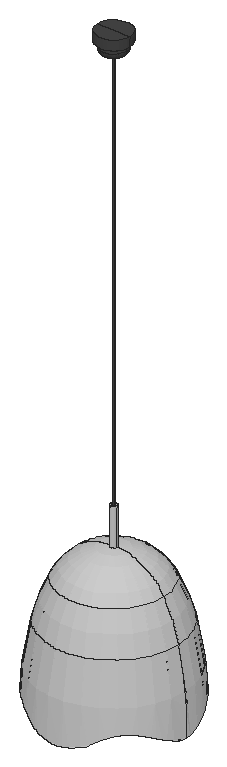
Revit family "Magnolia(12,16,20,24) LED", category Lighting Fixtures, Revit 2020
Family settings
  Round Connector Dimension = Use Diameter
  Part Type = Normal
  OmniClass Number = 23.80.70.00
  OmniClass Title = Lighting
  Work Plane-Based = No
  Always vertical = Yes
  Cut with Voids When Loaded = No
  Light Source = Yes
  Shared = No
  Room Calculation Point = No
Parameters (values of type "MDM24")
  Weight = "7.0bs"
  Wattage Comments = "16W"
  Wattage = 1.6 W
  Warranty = "5 year limited warranty"  # constant formula
  built-in parameter 1150110 = 1 (stored number, unit not read)
  Voltage = 277 V
  URL = "https://www.anplighting.com/assets/Uploads/product-attachments/specification-sheets/ANP-Specification-Sheet-LED-MDM24.pdf"
  built-in parameter 1114217 = 1 (stored number, unit not read)
  Tilt Angle = 90.00°
  built-in parameter 1150109 = 1 (stored number, unit not read)
  built-in parameter 1150134 = (empty or 0)
  built-in parameter 1150113 = 1 (stored number, unit not read)
  Mounting Option [instance] = 1
  Power Factor = 1
  Post Mount [instance] = Mounting Option = 5  # no
  Placement X axis side [instance] = if(Post Mount, 2' 2 15/32", if(Cord or Stem Mount, 0' 0", if(E36 20 inch, 1' 8 1/4", if(E 6 26 inch, 2' 2", if(E7 41 inch, 3' 5 1/4", 0' 1")))))  # 0' - 0"
  Photometric Web File = "MDM24M024LD35K.IES"
  Model = "MDM24"
  Manufacturer = "ANP Lighting"  # constant formula
  MDM24 = yes
  MDM20 = no
  MDM16 = no
  MDM12 = no
  built-in parameter 1150105 = 159.15 (stored number, unit not read)
  Lumens = 2000 lm
  built-in parameter 1150115 = 1 (stored number, unit not read)
  Load Classification = Lighting
  Light Source Height [instance] = 1' - 0"
  built-in parameter 1150137 = (empty or 0)
  built-in parameter 1150139 = (empty or 0)
  Light Elevation _2 [instance] = if(Post Mount, 0' 0.66142", if(E7 41 inch, 0' 0.66142", if(E36 20 inch, 0' 1.65748", if(E 6 26 inch, 0' 1.53543", if(Cord or Stem Mount, (0' 4.3622" + Cord Length), 0' 0")))))  # 6' - 4.3622"
  Light Elevation _1 [instance] = if(Post Mount, 0' 0", if(E7 41 inch, 0' 0", if(E36 20 inch, 0' 1", if(E 6 26 inch, 0' 0.87402", if(Cord or Stem Mount, (0' 3.66142" + Cord Length), 0' 0")))))  # 6' - 3.66142"
  Light Elevation [instance] = if(Post Mount, 14' 0.5315", if(E7 41 inch, 0' 0", 0' 0"))  # 0' - 0"
  Life = "L70 50,000 hours"  # constant formula
  built-in parameter 1150112 = 1 (stored number, unit not read)
  built-in parameter 1150114 = 1 (stored number, unit not read)
  Lamp = "LED"
  built-in parameter 1150132 = 2
  built-in parameter 1150102 = (empty or 0)
  built-in parameter 1150107 = 3500 (stored number, unit not read)
  built-in parameter 1150138 = (empty or 0)
  built-in parameter 1150106 = 1.5915 (stored number, unit not read)
  INSIDE BODY = INSIDE BODY
  Fixture Height = 2' - 0"
  Fixture Finish = Fixture Finish
  Fixture Diameter = 2' - 0"
  Efficiency = "65-125 lumens per watt"  # constant formula
  built-in parameter 1150104 = 116.13 (stored number, unit not read)
  E7 41 inch [instance] = Mounting Option = 4  # no
  E36 20 inch [instance] = Mounting Option = 3  # no
  E 6 26 inch [instance] = Mounting Option = 2  # no
  Dimming Lamp Color Temperature Shift = <None>
  Dimming = "1%"  # constant formula
  Description = "120-277 Voltage"  # constant formula
  Default Elevation = 0' - 0"
  Cord or Stem Mount [instance] = Mounting Option = 1  # yes
  Cord Length option [instance] = 0
  Cord Length [instance] = if([2' Cord], 2' 0", if([4' Cord], 4' 0", if([8' Cord], 8' 0", if([10' Cord], 10' 0", if([6' Cord], 6' 0", 6' 0")))))  # 6' - 0"
  Construction Material = "Heavy Duty spun aluminum."  # constant formula
  Color Filter = 16777215
  CRI = ">90"  # constant formula
  Body Material = body
  Body Colour = "Spun aluminium"  # constant formula
  built-in parameter 1114218 = 1 (stored number, unit not read)
  built-in parameter 1150133 = 10 (stored number, unit not read)
  Apparent Load = 16 VA
  8' Cord [instance] = Cord Length option = 8  # no
  6' Cord [instance] = Cord Length option = 6  # no
  4' Cord [instance] = Cord Length option = 4  # no
  2' Cord [instance] = Cord Length option = 2  # no
  10' Cord [instance] = Cord Length option = 10  # no
Types (5): name | Weight | Wattage Comments | Wattage | URL | Photometric Web File | Model | MDM24 | MDM20 | MDM16 | MDM12 | built-in parameter 1150105 | Lumens | Light Source Height | built-in parameter 1150106 | Fixture Height | Fixture Diameter | Apparent Load
  (no name) | "7.0bs" | "16W" | 1.6 W | "https://www.anplighting.com/assets/Uploads/product-attachments/specification-sheets/ANP-Specification-Sheet-LED-MDM24.pdf" | "MDM24M024LD35K.IES" | "MDM24" | yes | no | no | no | 159.15 (stored number, unit not read) | 2000 lm | 1' - 0" | 1.5915 (stored number, unit not read) | 2' - 0" | 2' - 0" | 16 VA
  MDM12 | "5.5lbs" | "10W" | 1 W | "https://www.anplighting.com/assets/Uploads/product-attachments/specification-sheets/ANP-Specification-Sheet-LED-MDM12.pdf" | "MDM12M010LD35K.IES" | "MDM12" | no | no | no | yes | 99.472 (stored number, unit not read) | 1250 lm | 0' - 6" | 0.99472 (stored number, unit not read) | 1' - 0" | 1' - 0" | 10 VA
  MDM16 | "6.0lbs" | "16W" | 1.6 W | "https://www.anplighting.com/assets/Uploads/product-attachments/specification-sheets/ANP-Specification-Sheet-LED-MDM16.pdf" | "MDM16M016LD35K.IES" | "MDM16" | no | no | yes | no | 159.15 (stored number, unit not read) | 2000 lm | 0' - 8" | 1.5915 (stored number, unit not read) | 1' - 4" | 1' - 4" | 16 VA
  MDM20 | "6.5bs" | "16W" | 1.6 W | "https://www.anplighting.com/assets/Uploads/product-attachments/specification-sheets/ANP-Specification-Sheet-LED-MDM20.pdf" | "MDM20M016LD35K.IES" | "MDM20" | no | yes | no | no | 159.15 (stored number, unit not read) | 2000 lm | 1' - 0" | 1.5915 (stored number, unit not read) | 1' - 8" | 1' - 8" | 16 VA
  MDM24 | "7.0bs" | "16W" | 1.6 W | "https://www.anplighting.com/assets/Uploads/product-attachments/specification-sheets/ANP-Specification-Sheet-LED-MDM24.pdf" | "MDM24M024LD35K.IES" | "MDM24" | yes | no | no | no | 159.15 (stored number, unit not read) | 2000 lm | 1' - 0" | 1.5915 (stored number, unit not read) | 2' - 0" | 2' - 0" | 16 VA
Reference planes (in)
  plane 1 "Light Source Axis (F/B)": y = 0
  plane 2: z = 0
  plane 3 "Light Source Axis (L/R)": x = 0
  plane 4 "Light Source Elevation": z = 0
  plane 5: z = 0
  plane 6: x = 0
  plane 7 "Bulb Position": z = -76.3622
  plane 8 "Canopy Position": z = -75.66142
  plane 9 "IES": z = -88.3622
Dimensions and locks (in)
  "Light Elevation": plane 5 to plane 2
  "Placement X axis side": plane 6 to plane 3 "Light Source Axis (L/R)"
  "Light Elevation _2": plane 5 to plane 7 "Bulb Position"
  "Light Elevation _1": plane 5 to plane 8 "Canopy Position"
  "Light Source Height": plane 7 "Bulb Position" to plane 9 "IES"
  locked: plane 4 "Light Source Elevation" to plane 2
  aligned and locked: level to plane 2
  aligned and locked: plane 1 "Light Source Axis (F/B)" to nested 5
  aligned and locked: nested 5 to plane 2
  aligned and locked: nested 1 to plane 3 "Light Source Axis (L/R)"
  aligned and locked: plane 3 "Light Source Axis (L/R)" to nested 2
  aligned and locked: plane 3 "Light Source Axis (L/R)" to nested 4
  aligned and locked: nested 3 to plane 5
  aligned and locked: plane 3 "Light Source Axis (L/R)" to nested 3
  aligned and locked: plane 3 "Light Source Axis (L/R)" to nested 5
  aligned and locked: plane 1 "Light Source Axis (F/B)" to nested 2
  aligned and locked: plane 1 "Light Source Axis (F/B)" to nested 1
  aligned and locked: plane 1 "Light Source Axis (F/B)" to nested 4
  aligned and locked: plane 1 "Light Source Axis (F/B)" to nested 3
  aligned and locked: plane 2 to nested 1
  aligned and locked: plane 2 to nested 2
  aligned and locked: nested 4 to plane 2
  aligned and locked: imposter light to plane 9 "IES"
  aligned and locked: imposter light to plane 6
  aligned and locked: nested 6 to plane 8 "Canopy Position"
  aligned and locked: nested 7 to plane 8 "Canopy Position"
  aligned and locked: nested 8 to plane 8 "Canopy Position"
  aligned and locked: nested 9 to plane 8 "Canopy Position"
  aligned and locked: nested 6 to plane 6
  aligned and locked: nested 7 to plane 6
  aligned and locked: nested 8 to plane 6
  aligned and locked: nested 9 to plane 6
Nested families (in)
  nested 1: "CORD OR STEM MOUNT" at (0, 0, -75.67), visible <- "Cord or Stem Mount", Cord or Stem Mount <- "Cord or Stem Mount", Body Material <- "Body Material", Light Elevation <- "Light Elevation", Cord Length <- "Cord Length", 10' Cord <- "10' Cord", 2' Cord <- "2' Cord", 4' Cord <- "4' Cord", 6' Cord <- "6' Cord", 8' Cord <- "8' Cord", type "CORD OR STEM MOUNT"
    with Light Elevation 0' - 0", Cord or Stem Mount yes, Cord Length 6' - 0", Body Material body, 8' Cord no, 6' Cord no, 4' Cord no, 2' Cord no, 10' Cord no
  nested 2: "E6 26 INCH" at (0, 0, 0), visible <- "E 6 26 inch", Chain Length <- "Cord Length", E 6 26 inch <- "E 6 26 inch", Placement X axis side <- "Placement X axis side", Body Material <- "Body Material", Light Elevation <- "Light Elevation", type "E6 26 INCH"
    with Placement X axis side 0' - 0", Light Elevation 0' - 0", E 6 26 inch no, Chain Length 6' - 0", Body Material body
  nested 3: "E7 41 INCH" at (0, 0, 0), Chain Length <- "Cord Length", visible <- "E7 41 inch", E7 41 inch <- "E7 41 inch", Placement X axis side <- "Placement X axis side", Body Material <- "Body Material", Light Elevation <- "Light Elevation", type "E7 41 INCH"
    with Placement X axis side 0' - 0", Light Elevation 0' - 0", E7 41 inch no, Chain Length 6' - 0", Body Material body
  nested 4: "E36 20 INCH" at (0, 0, 0), visible <- "E36 20 inch", E36 20 inch <- "E36 20 inch", Placement X axis side <- "Placement X axis side", Chain Length <- "Cord Length", Body Material <- "Body Material", Light Elevation <- "Light Elevation", type "E36 20 INCH"
    with Placement X axis side 0' - 0", Light Elevation 0' - 0", E36 20 inch no, Chain Length 6' - 0", Body Material body
  nested 5: "POST MOUNT" at (0, 0, 0), visible <- "Post Mount", Post Mount <- "Post Mount", Placement X axis side <- "Placement X axis side", Chain Length <- "Cord Length", Body Material <- "Body Material", Light Elevation <- "Light Elevation", type "POST MOUNT"
    with Post Mount no, Placement X axis side 0' - 0", Light Elevation 0' - 0", Chain Length 6' - 0", Body Material body
  nested 6: "MDM12 LED" at (0, 0, -87.66142), Body <- "Fixture Finish", INSIDE BODY <- "INSIDE BODY", visible <- "MDM12", MDM12 <- "MDM12", type "MDM12 LED"
    with MDM12 no, INSIDE BODY INSIDE BODY, Body Fixture Finish
  nested 7: "MDM16 LED" at (0, 0, -91.66142), Body <- "Fixture Finish", MDM16 <- "MDM16", visible <- "MDM16", INSIDE BODY <- "INSIDE BODY", type "MDM16 LED"
    with MDM16 no, INSIDE BODY INSIDE BODY, Body Fixture Finish
  nested 8: "MDM20 LED" at (0, 0, -95.66142), Body <- "Fixture Finish", MDM20 <- "MDM20", visible <- "MDM20", INSIDE BODY <- "INSIDE BODY", type "MDM20 LED"
    with MDM20 no, INSIDE BODY INSIDE BODY, Body Fixture Finish
  nested 9: "MDM24 LED" at (0, 0, -99.66142), Body <- "Fixture Finish", MDM24 <- "MDM24", visible <- "MDM24", INSIDE BODY <- "INSIDE BODY", type "MDM24 LED"
    with MDM24 yes, INSIDE BODY INSIDE BODY, Body Fixture Finish
Definition of nested family "CORD OR STEM MOUNT"
  Parameters (values of type "CORD OR STEM MOUNT")
    URL = ""
    Model = ""
    Manufacturer = ""
    Light Elevation [instance] = 1' - 7.69"
    Default Elevation = 0' - 0"
    Cord or Stem Mount [instance] = yes
    Cord Length [instance] = 6' - 0"
    Body Material [instance] = none
    8' Cord [instance] = no
    6' Cord [instance] = no
    4' Cord [instance] = no
    2' Cord [instance] = no
    10' Cord [instance] = no
  Reference planes (in)
    plane 1 "Light Source Axis (F/B)": y = 0
    plane 2: z = 0
    plane 3 "Light Source Axis (L/R)": x = 0
    plane 4 "Light Source Elevation": z = 23.125
    plane 5: z = 91.69
    plane 6: z = 19.69
  Forms (in)
    Extrusion 1, void, not visible
      sketch origin (0, 0, 2.38154) x (1, 0, 0) y (0, 0, 1)
        loop
          circle (0, 4.59925) r 0.16583
      from 1.18594 to 1.75
    Extrusion 2, void, not visible
      sketch origin (0, 0, 2.38154) x (0.707107, -0.707107, 0) y (0, 0, 1)
        loop
          circle (0, 4.59925) r 0.16583
      from 1.18594 to 1.75
    Extrusion 3, void, not visible
      sketch origin (0, 0, 2.38154) x (0.707107, 0.707107, 0) y (0, 0, 1)
        loop
          circle (0, 4.59925) r 0.16583
      from 1.18594 to 1.75
    Extrusion 4, void, not visible
      sketch origin (0, 0, 2.38154) x (0, 1, 0) y (0, 0, 1)
        loop
          circle (0, 4.59925) r 0.16583
      from 1.18594 to 1.75
    Extrusion 5, void, not visible
      sketch origin (0, 0, 2.38154) x (-0.707107, 0.707107, 0) y (0, 0, 1)
        loop
          circle (0, 4.59925) r 0.16583
      from 1.18594 to 1.75
    Extrusion 6, void, not visible
      sketch origin (0, 0, 2.38154) x (-1, 0, 0) y (0, 0, 1)
        loop
          circle (0, 4.59925) r 0.20678
      from 1.18594 to 1.75
    Extrusion 7, void, not visible
      sketch origin (0, 0, 2.38154) x (-0.707107, -0.707107, 0) y (0, 0, 1)
        loop
          circle (0, 4.59925) r 0.16583
      from 1.18594 to 1.75
    Extrusion 8, void, not visible
      sketch origin (0, 0, 2.38154) x (0, -1, 0) y (0, 0, 1)
        loop
          circle (0, 4.59925) r 0.16583
      from 1.18594 to 1.75
    Revolve 9, solid, material <- "Body Material", visible <- "Cord or Stem Mount"
      sketch origin (0, 0, 174.56698) x (1, 0, 0) y (0, 0, 1)
        loop
          line (2.6875, -79.20698) -> (0, -79.20698) -> (0, -82.87698) -> (0.125, -82.87698) -> (0.125, -82.83698) -> (0.75, -82.83698)
          arc (0.75, -82.83698) -> (0.81694, -82.77004) -> (0.75, -82.7031) r 0.06694
          line (0.75, -82.7031) -> (0.89763, -82.7031) -> (1.00223, -82.5985) -> (1.06587, -82.5985)
          arc (1.06587, -82.5985) -> (1.80099, -82.29401) -> (2.10549, -81.55888) r 1.03962
          line (2.10549, -81.55888) -> (2.10549, -81.03899)
          arc (2.10549, -81.03899) -> (2.12951, -80.981) -> (2.1875, -80.95698) r 0.08201
          line (2.1875, -80.95698) -> (2.1875, -80.70698) -> (2.6875, -80.70698) -> (2.6875, -79.20698)
        axis (0, -79.20698) -> (0, -82.87698)
      angle from 0 to 360
    Revolve 10, solid, material <- "Body Material", visible <- "Cord or Stem Mount"
      sketch origin (0, 0, 0) x (1, 0, 0) y (0, 0, 1)
        loop
          line (0, 91.69) -> (-0.125, 91.69) -> (-0.125, 19.69) -> (0, 19.69) -> (0, 91.69)
        axis (0, 19.69) -> (0, 91.69)
      angle from 0 to 360
  Dimensions and locks (in)
    "Light Elevation": plane 6 to plane 2
    "Cord Length": plane 5 to plane 6
    locked: Revolve 10 sketch curve to Revolve 10 sketch curve at 0.125
    aligned and locked: level to plane 2
    aligned and locked: Revolve 10 sketch curve to plane 3 "Light Source Axis (L/R)"
    aligned and locked: Revolve 10 sketch curve to plane 6
    aligned and locked: Revolve 10 sketch curve to plane 5
    aligned and locked: plane 3 "Light Source Axis (L/R)" to Revolve 10 sketch curve
  Automatic sketch dimensions
    Revolve 9 sketch curve to plane 3 "Light Source Axis (L/R)" = 0' - 0"  (x2)
    Revolve 9 sketch curve to plane 5 = 0' - 0"
    plane 3 "Light Source Axis (L/R)" to Revolve 9 sketch curve = 0' - 0 1/8"
    Revolve 9 sketch curve to plane 5 = 0' - 0.17388"
    Revolve 9 sketch curve to Revolve 9 sketch curve = 0' - 0 5/8"
    Revolve 9 sketch curve to Revolve 9 sketch curve = 0' - 0.14763"
    Revolve 9 sketch curve to plane 5 = 0' - 0.27847"
    Revolve 9 sketch curve to Revolve 9 sketch curve = 0' - 0.1046"
    Revolve 9 sketch curve to Revolve 9 sketch curve = 0' - 0.06364"
    Revolve 9 sketch curve to Revolve 9 sketch curve = 0' - 1.03962"
    Revolve 9 sketch curve to Revolve 9 sketch curve = 0' - 0 21/256"
    Revolve 9 sketch curve to Revolve 9 sketch curve = 0' - 0 1/2"  (x2)
    Revolve 9 sketch curve to Revolve 9 sketch curve = 0' - 0.51989"
    Revolve 9 sketch curve to Revolve 9 sketch curve = 0' - 0 1/4"
    Revolve 9 sketch curve to Revolve 9 sketch curve = 0' - 2.3519"
    Revolve 9 sketch curve to Revolve 9 sketch curve = 0' - 1 1/4"
    Revolve 9 sketch curve to Revolve 9 sketch curve = 0' - 0.04"
    Revolve 10 sketch curve to Revolve 10 sketch curve = 0' - 0 1/2"
    Revolve 10 sketch curve to Revolve 10 sketch curve = 0' - 0.42345"
Definition of nested family "MDM24 LED"
  Parameters (values of type "MDM24 LED")
    MDM24 [instance] = yes
    INSIDE BODY [instance] = none
    Default Elevation = 0' - 0"
    Body [instance] = none
  Reference planes (in)
    plane 1 "Center (Front/Back)": y = 0
    plane 2: z = 0
    plane 3 "Center (Left/Right)": x = 0
    plane 4: x = 12
    plane 5: x = -12
    plane 6: z = 24
  Forms (in)
    Revolve 1, solid, material <- "Body", visible <- "MDM24"
      sketch origin (0, 0, 0) x (1, 0, 0) y (0, 0, 1)
        loop
          line (-12, 0) -> (-11.96874, 0)
          arc (-11.96874, 0) -> (-11.71054, 6.63065) -> (-10.58462, 13.1701) r 50.4659
          arc (-10.58462, 13.1701) -> (-9.60535, 16.33963) -> (-8.23334, 19.35996) r 26.19418
          arc (-8.23334, 19.35996) -> (-4.98424, 22.68783) -> (-0.51279, 23.96746) r 9.06878
          line (-0.51279, 23.96746) -> (-0.51279, 23.99871)
          arc (-0.51279, 23.99871) -> (-5.00016, 22.71472) -> (-8.26073, 19.375) r 9.10003
          arc (-8.26073, 19.375) -> (-9.6345, 16.3509) -> (-10.615, 13.17742) r 26.22543
          arc (-10.615, 13.17742) -> (-11.74158, 6.63433) -> (-12, 0) r 50.49715
        axis (0, 0) -> (0, 23.99871)
      angle from 0 to 360
    Extrusion 2, void
      sketch origin (0, 0, 0) x (1, 0, 0) y (0, 0, 1)
        loop
          line (-12, 0) -> (12, 0)
          arc (12, 0) -> (11.14188, 1.53846) -> (9.74408, 2.61057) r 4.35081
          arc (9.74408, 2.61057) -> (8.94636, 2.86163) -> (8.11014, 2.87322) r 2.88353
          arc (8.11014, 2.87322) -> (7.06774, 2.56155) -> (6.0754, 2.11544) r 8.25184
          arc (6.0754, 2.11544) -> (3.72597, 0.77467) -> (1.11018, 0.08539) r 10.39635
          arc (1.11018, 0.08539) -> (0.55615, 0.03667) -> (0, 0.03179) r 7.04745
          arc (0, 0.03179) -> (-0.55615, 0.03667) -> (-1.11018, 0.08539) r 7.04745
          arc (-1.11018, 0.08539) -> (-3.72597, 0.77467) -> (-6.0754, 2.11544) r 10.39635
          arc (-6.0754, 2.11544) -> (-7.06774, 2.56155) -> (-8.11014, 2.87322) r 8.25184
          arc (-8.11014, 2.87322) -> (-8.94636, 2.86163) -> (-9.74408, 2.61057) r 2.88353
          arc (-9.74408, 2.61057) -> (-11.14188, 1.53846) -> (-12, 0) r 4.35081
      from -16.52437 to 19.58159
    Revolve 3, solid, material <- "Body", visible <- "MDM24"
      sketch origin (0, 0, 0) x (1, 0, 0) y (0, 0, 1)
        loop
          line (-0.51279, 23.99871) -> (0, 23.99871) -> (0, 29.99871) -> (-0.51279, 29.99871) -> (-0.51279, 23.99871)
        axis (0, 23.99871) -> (0, 29.99871)
      angle from 0 to 360
    Revolve 4, solid, material <- "INSIDE BODY", visible <- "MDM24"
      sketch origin (0.0383, 0, 0) x (1, 0, 0) y (0, 0, 1)
        loop
          line (-12, 0) -> (-11.96874, 0)
          arc (-11.96874, 0) -> (-11.71054, 6.63065) -> (-10.58462, 13.1701) r 50.4659
          arc (-10.58462, 13.1701) -> (-9.60776, 16.31768) -> (-8.23334, 19.31309) r 25.51424
          arc (-8.23334, 19.31309) -> (-5.00068, 22.63112) -> (-0.55108, 23.91976) r 9.06878
          line (-0.55108, 23.91976) -> (-0.55108, 23.95102)
          arc (-0.55108, 23.95102) -> (-5.01659, 22.65802) -> (-8.26073, 19.32813) r 9.10003
          arc (-8.26073, 19.32813) -> (-9.62825, 16.32564) -> (-10.615, 13.17742) r 26.69856
          arc (-10.615, 13.17742) -> (-11.74158, 6.63433) -> (-12, 0) r 50.49715
        axis (-0.0383, 0) -> (-0.0383, 23.95102)
      angle from 0 to 360
  Cuts and joins
    Extrusion 2 cuts Revolve 1
    Extrusion 2 cuts Revolve 4
  Dimensions and locks (in)
    plane 6 to plane 2 = 2' - 0"
    aligned and locked: plane 2 to level
Definition of nested family "E6 26 INCH"
  Parameters (values of type "E6 26 INCH")
    URL = ""
    Placement X axis side [instance] = 2' - 2"
    Model = ""
    Manufacturer = ""
    Light Elevation [instance] = 8' - 4"
    E 6 26 inch [instance] = yes
    Default Elevation = 0' - 0"
    Chain Length [instance] = 0' - 0"
    Body Material [instance] = none
  Reference planes (in)
    plane 1 "Light Source Axis (F/B)": y = 0
    plane 2: z = 0
    plane 3 "Light Source Axis (L/R)": x = 0
    plane 4 "Light Source Elevation": z = 23.125
    plane 5: z = 100
    plane 6: x = -26
    plane 7: z = 99.125
    plane 8: x = -24.12
    plane 9: x = -25.5474
  Forms (in)
    Extrusion 1, void, not visible
      sketch origin (0, 0, 2.38154) x (1, 0, 0) y (0, 0, 1)
        loop
          circle (0, 4.59925) r 0.16583
      from 1.18594 to 1.75
    Extrusion 2, void, not visible
      sketch origin (0, 0, 2.38154) x (0.707107, -0.707107, 0) y (0, 0, 1)
        loop
          circle (0, 4.59925) r 0.16583
      from 1.18594 to 1.75
    Extrusion 3, void, not visible
      sketch origin (0, 0, 2.38154) x (0.707107, 0.707107, 0) y (0, 0, 1)
        loop
          circle (0, 4.59925) r 0.16583
      from 1.18594 to 1.75
    Extrusion 4, void, not visible
      sketch origin (0, 0, 2.38154) x (0, 1, 0) y (0, 0, 1)
        loop
          circle (0, 4.59925) r 0.16583
      from 1.18594 to 1.75
    Extrusion 5, void, not visible
      sketch origin (0, 0, 2.38154) x (-0.707107, 0.707107, 0) y (0, 0, 1)
        loop
          circle (0, 4.59925) r 0.16583
      from 1.18594 to 1.75
    Extrusion 6, void, not visible
      sketch origin (0, 0, 2.38154) x (-1, 0, 0) y (0, 0, 1)
        loop
          circle (0, 4.59925) r 0.20678
      from 1.18594 to 1.75
    Extrusion 7, void, not visible
      sketch origin (0, 0, 2.38154) x (-0.707107, -0.707107, 0) y (0, 0, 1)
        loop
          circle (0, 4.59925) r 0.16583
      from 1.18594 to 1.75
    Extrusion 8, void, not visible
      sketch origin (0, 0, 2.38154) x (0, -1, 0) y (0, 0, 1)
        loop
          circle (0, 4.59925) r 0.16583
      from 1.18594 to 1.75
    Sweep 9, solid, material <- "Body Material", visible <- "E 6 26 inch"
      path origin (-41.25, 0, 168.51693) x (1, 0, 0) y (0, 0, 1)
        loop
          line (17.13, -68.51693) -> (27.68551, -68.51693)
          arc (27.68551, -68.51693) -> (28.47996, -68.34486) -> (29.13202, -67.8595) r 1.92004
          line (29.13202, -67.8595) -> (34.23651, -62.01155)
          arc (34.23651, -62.01155) -> (38.65464, -60.89667) -> (41.25, -64.64193) r 4
          line (41.25, -64.64193) -> (41.25, -69.39193)
      profile origin (-18.84224, 0, 100) x (0, 0, 1) y (0, -1, 0)
        loop
          circle (0, 0) r 0.5
    Revolve 10, solid, material <- "Body Material", visible <- "E 6 26 inch"
      sketch origin (-26, 0, 168.51693) x (1, 0, 0) y (0, 0, 1)
        loop
          line (0, -66.07943) -> (0, -68.51693) -> (1.88, -68.51693) -> (1.88, -67.69272) -> (0.4526, -67.69272) -> (0.4526, -66.54122) -> (0.33125, -66.54122) -> (0.33125, -66.07943) -> (0, -66.07943)
        axis (0, -68.51693) -> (1.88, -68.51693)
      angle from 0 to 360
    Extrusion 11, solid, material <- "Body Material", visible <- "E 6 26 inch"
      sketch origin (-26, 0, 168.51693) x (0, -1, 0) y (0, 0, -1)
        loop
          line (0.25, 68.51693) -> (0.25, 69.51693) -> (-0.25, 69.51693) -> (-0.25, 68.51693) -> (0.25, 68.51693)
      from 0.4526 to 1.88
  Cuts and joins
    joined: Revolve 10, Extrusion 11
  Dimensions and locks (in)
    "Light Elevation": plane 5 to plane 2
    "Placement X axis side": plane 3 "Light Source Axis (L/R)" to plane 6
    locked: plane 5 to plane 7 at 0.875
    Revolve 10 sketch curve to Revolve 10 sketch curve to Revolve 10 sketch curve to plane 6 = 0' - 1.4274" locked, 0' - 0.12135" locked, 0' - 0.33125" locked
    Revolve 10 sketch curve to Revolve 10 sketch curve to Revolve 10 sketch curve to plane 5 = 0' - 0.46179" locked, 0' - 1.1515" locked, 0' - 0 211/256" locked
    locked: Sweep 9 sketch curve to plane 6 at 1.88
    locked: Sweep 9 sketch curve to Sweep 9 sketch curve at 10.55551
    locked: Sweep 9 sketch curve to Sweep 9 sketch curve at 13.56449
    locked: Sweep 9 sketch curve to Sweep 9 sketch curve at 4.75
    locked: plane 9 to plane 6 at 0.4526
    locked: plane 8 to plane 9 at 1.4274
    aligned and locked: level to plane 2
    aligned and locked: Revolve 10 sketch curve to plane 6
    aligned and locked: plane 5 to Revolve 10 sketch curve
    aligned and locked: Revolve 10 sketch curve to plane 5
    aligned and locked: cut or joined group of Revolve 10, Extrusion 11 to plane 9
    aligned and locked: plane 8 to cut or joined group of Revolve 10, Extrusion 11
  Automatic sketch dimensions
    Sweep 9 sketch curve to plane 5 = 0' - 0"
    Sweep 9 sketch curve to Sweep 9 sketch curve = 0' - 4"
    Sweep 9 sketch curve to Sweep 9 sketch curve = 0' - 3.01349"
    plane 5 to Sweep 9 sketch curve = 0' - 0.65743"
    Sweep 9 sketch curve to Sweep 9 sketch curve = 0' - 1.4465"
    Sweep 9 sketch curve to plane 5 = 0' - 0 7/8"
    profile plane to Sweep 9 sketch curve = 0' - 0"
    Sweep 9 sketch curve to profile plane = 0' - 0"
    plane 6 to Revolve 10 sketch curve = 0' - 0.62562"
    Revolve 10 sketch curve to Revolve 10 sketch curve = 0' - 0 1/2"
    Extrusion 11 sketch curve to plane 5 = 0' - 0"
    plane 1 "Light Source Axis (F/B)" to Extrusion 11 sketch curve = 0' - 0 1/4"
    Extrusion 11 sketch curve to plane 1 "Light Source Axis (F/B)" = 0' - 0 1/4"
    plane 5 to Extrusion 11 sketch curve = 0' - 1"
    radius of Sweep 9 sketch curve = 0' - 0 1/2"
Definition of nested family "E7 41 INCH"
  Parameters (values of type "E7 41 INCH")
    URL = ""
    Placement X axis side [instance] = 4' - 2"
    Model = ""
    Manufacturer = ""
    Light Elevation [instance] = 8' - 4"
    E7 41 inch [instance] = yes
    Default Elevation = 0' - 0"
    Chain Length [instance] = 0' - 0"
    Body Material [instance] = none
  Reference planes (in)
    plane 1 "Light Source Axis (F/B)": y = 0
    plane 2: z = 0
    plane 3 "Light Source Axis (L/R)": x = 0
    plane 4 "Light Source Elevation": z = 23.125
    plane 5: z = 100
    plane 6: x = -50
  Forms (in)
    Extrusion 1, void, not visible
      sketch origin (0, 0, 2.38154) x (1, 0, 0) y (0, 0, 1)
        loop
          circle (0, 4.59925) r 0.16583
      from 1.18594 to 1.75
    Extrusion 2, void, not visible
      sketch origin (0, 0, 2.38154) x (0.707107, -0.707107, 0) y (0, 0, 1)
        loop
          circle (0, 4.59925) r 0.16583
      from 1.18594 to 1.75
    Extrusion 3, void, not visible
      sketch origin (0, 0, 2.38154) x (0.707107, 0.707107, 0) y (0, 0, 1)
        loop
          circle (0, 4.59925) r 0.16583
      from 1.18594 to 1.75
    Extrusion 4, void, not visible
      sketch origin (0, 0, 2.38154) x (0, 1, 0) y (0, 0, 1)
        loop
          circle (0, 4.59925) r 0.16583
      from 1.18594 to 1.75
    Extrusion 5, void, not visible
      sketch origin (0, 0, 2.38154) x (-0.707107, 0.707107, 0) y (0, 0, 1)
        loop
          circle (0, 4.59925) r 0.16583
      from 1.18594 to 1.75
    Extrusion 6, void, not visible
      sketch origin (0, 0, 2.38154) x (-1, 0, 0) y (0, 0, 1)
        loop
          circle (0, 4.59925) r 0.20678
      from 1.18594 to 1.75
    Extrusion 7, void, not visible
      sketch origin (0, 0, 2.38154) x (-0.707107, -0.707107, 0) y (0, 0, 1)
        loop
          circle (0, 4.59925) r 0.16583
      from 1.18594 to 1.75
    Extrusion 8, void, not visible
      sketch origin (0, 0, 2.38154) x (0, -1, 0) y (0, 0, 1)
        loop
          circle (0, 4.59925) r 0.16583
      from 1.18594 to 1.75
    Revolve 9, solid, material <- "Body Material", visible <- "E7 41 inch"
      sketch origin (-41.25, 0, 168.39193) x (1, 0, 0) y (0, 0, 1)
        loop
          line (-8.75, -66.20443) -> (-8.75, -68.51693) -> (-6.87, -68.51693) -> (-6.87, -67.69272) -> (-8.2974, -67.69272) -> (-8.2974, -66.54122) -> (-8.41875, -66.54122) -> (-8.41875, -66.20443) -> (-8.75, -66.20443)
        axis (-8.75, -68.51693) -> (-6.87, -68.51693)
      angle from 0 to 360
    Extrusion 10, solid, material <- "Body Material", visible <- "E7 41 inch"
      sketch origin (-41.25, 0, 168.39193) x (0, -1, 0) y (0, 0, -1)
        loop
          line (0.25, 68.51693) -> (0.25, 69.51693) -> (-0.25, 69.51693) -> (-0.25, 68.51693) -> (0.25, 68.51693)
      from -8.2974 to -6.87
    Sweep 11, solid, material <- "Body Material", visible <- "E7 41 inch"
      path origin (-41.25, 0, 168.39193) x (1, 0, 0) y (0, 0, 1)
        loop
          line (-6.87, -68.51693) -> (16.04011, -68.51693)
          arc (16.04011, -68.51693) -> (17.864, -68.13651) -> (19.38375, -67.0587) r 4.5625
          line (19.38375, -67.0587) -> (24.70217, -61.33018)
          arc (24.70217, -61.33018) -> (29.64465, -60.20324) -> (32.5, -64.39193) r 4.5
          line (32.5, -64.39193) -> (32.5, -68.39193)
      profile origin (-36.66494, 0, 99.875) x (0, 0, 1) y (0, -1, 0)
        loop
          circle (0, 0) r 0.5
  Dimensions and locks (in)
    "Placement X axis side": plane 3 "Light Source Axis (L/R)" to plane 6
    "Light Elevation": plane 5 to plane 2
    locked: Revolve 9 sketch curve to Revolve 9 sketch curve at 0.33125
    locked: Revolve 9 sketch curve to Revolve 9 sketch curve at 0.4526
    locked: Revolve 9 sketch curve to Revolve 9 sketch curve at 1.88
    locked: Revolve 9 sketch curve to Revolve 9 sketch curve at 0.82421
    locked: Revolve 9 sketch curve to Revolve 9 sketch curve at 1.1515
    locked: Revolve 9 sketch curve to Revolve 9 sketch curve at 0.33679
    locked: plane 5 to Revolve 9 sketch curve at 0.125
    locked: Extrusion 10 sketch curve to Extrusion 10 sketch curve at 0.5
    locked: Extrusion 10 sketch curve to Extrusion 10 sketch curve at 1
    locked: plane 5 to Extrusion 10 sketch curve at 0.125
    locked: plane 5 to Sweep 11 sketch curve at 0.125
    locked: Sweep 11 sketch curve to Sweep 11 sketch curve at 39.37
    locked: Sweep 11 sketch curve to Sweep 11 sketch curve at 4
    locked: plane 6 to Extrusion 10 at 0.4526
    locked: Sweep 11 sketch curve to plane 6 at 1.88
    locked: Extrusion 10 to Extrusion 10 at 1.4274
    aligned and locked: plane 2 to level
    aligned and locked: Revolve 9 sketch curve to plane 6
  Automatic sketch dimensions
    Revolve 9 sketch curve to plane 5 = 0' - 0 1/8"
    plane 6 to Revolve 9 sketch curve = 0' - 0.62562"
    Revolve 9 sketch curve to Revolve 9 sketch curve = 0' - 0 1/2"
    plane 1 "Light Source Axis (F/B)" to Extrusion 10 sketch curve = 0' - 0 1/4"
    Sweep 11 sketch curve to plane 5 = 0' - 0"
    Sweep 11 sketch curve to Sweep 11 sketch curve = 0' - 4 1/2"
    Sweep 11 sketch curve to Sweep 11 sketch curve = 0' - 3.29783"
    plane 5 to Sweep 11 sketch curve = 0' - 1.33323"
    Sweep 11 sketch curve to Sweep 11 sketch curve = 0' - 5.31842"
    Sweep 11 sketch curve to Sweep 11 sketch curve = 0' - 3.34364"
    profile plane to Sweep 11 sketch curve = 0' - 0"
    Sweep 11 sketch curve to profile plane = 0' - 0"
    radius of Sweep 11 sketch curve = 0' - 0 1/2"
Definition of nested family "E36 20 INCH"
  Parameters (values of type "E36 20 INCH")
    URL = ""
    Placement X axis side [instance] = 1' - 8 1/4"
    Model = ""
    Manufacturer = ""
    Light Elevation [instance] = 8' - 4"
    E36 20 inch [instance] = yes
    Default Elevation = 0' - 0"
    Chain Length [instance] = 0' - 0"
    Body Material [instance] = none
  Reference planes (in)
    plane 1 "Light Source Axis (F/B)": y = 0
    plane 2: z = 0
    plane 3 "Light Source Axis (L/R)": x = 0
    plane 4 "Light Source Elevation": z = 23.125
    plane 5: z = 99
    plane 6: x = -20.25
    plane 7: z = 100
    plane 8: x = -18.37008
    plane 9: x = -19.79724
  Forms (in)
    Extrusion 1, void, not visible
      sketch origin (0, 0, 2.38154) x (1, 0, 0) y (0, 0, 1)
        loop
          circle (0, 4.59925) r 0.16583
      from 1.18594 to 1.75
    Extrusion 2, void, not visible
      sketch origin (0, 0, 2.38154) x (0.707107, -0.707107, 0) y (0, 0, 1)
        loop
          circle (0, 4.59925) r 0.16583
      from 1.18594 to 1.75
    Extrusion 3, void, not visible
      sketch origin (0, 0, 2.38154) x (0.707107, 0.707107, 0) y (0, 0, 1)
        loop
          circle (0, 4.59925) r 0.16583
      from 1.18594 to 1.75
    Extrusion 4, void, not visible
      sketch origin (0, 0, 2.38154) x (0, 1, 0) y (0, 0, 1)
        loop
          circle (0, 4.59925) r 0.16583
      from 1.18594 to 1.75
    Extrusion 5, void, not visible
      sketch origin (0, 0, 2.38154) x (-0.707107, 0.707107, 0) y (0, 0, 1)
        loop
          circle (0, 4.59925) r 0.16583
      from 1.18594 to 1.75
    Extrusion 6, void, not visible
      sketch origin (0, 0, 2.38154) x (-1, 0, 0) y (0, 0, 1)
        loop
          circle (0, 4.59925) r 0.20678
      from 1.18594 to 1.75
    Extrusion 7, void, not visible
      sketch origin (0, 0, 2.38154) x (-0.707107, -0.707107, 0) y (0, 0, 1)
        loop
          circle (0, 4.59925) r 0.16583
      from 1.18594 to 1.75
    Extrusion 8, void, not visible
      sketch origin (0, 0, 2.38154) x (0, -1, 0) y (0, 0, 1)
        loop
          circle (0, 4.59925) r 0.16583
      from 1.18594 to 1.75
    Sweep 9, solid, material <- "Body Material", visible <- "E36 20 inch"
      path origin (-41.25, 0, 169.51693) x (1, 0, 0) y (0, 0, 1)
        loop
          line (22.88, -69.51693) -> (28.93827, -69.51693)
          arc (28.93827, -69.51693) -> (29.97705, -69.28152) -> (30.81284, -68.62128) r 2.40953
          line (30.81284, -68.62128) -> (34.13807, -64.50378)
          arc (34.13807, -64.50378) -> (38.58272, -63.24548) -> (41.25, -67.01693) r 4
          line (41.25, -67.01693) -> (41.25, -70.51693)
      profile origin (-15.34086, 0, 100) x (0, 0, 1) y (0, -1, 0)
        loop
          circle (0, 0) r 0.5
    Revolve 10, solid, material <- "Body Material", visible <- "E36 20 inch"
      sketch origin (-20.25, 0, 169.51693) x (1, 0, 0) y (0, 0, 1)
        loop
          line (0, -67.20443) -> (0, -69.51693) -> (1.88, -69.51693) -> (1.88, -68.69272) -> (0.4526, -68.69272) -> (0.4526, -67.54122) -> (0.33125, -67.54122) -> (0.33125, -67.20443) -> (0, -67.20443)
        axis (0, -69.51693) -> (1.88, -69.51693)
      angle from 0 to 360
    Extrusion 11, solid, material <- "Body Material", visible <- "E36 20 inch"
      sketch origin (-20.25, 0, 169.51693) x (0, -1, 0) y (0, 0, -1)
        loop
          line (0.25, 69.51693) -> (0.25, 70.51693) -> (-0.25, 70.51693) -> (-0.25, 69.51693) -> (0.25, 69.51693)
      from 1.87992 to 0.45276
  Cuts and joins
    joined: Revolve 10, Extrusion 11
  Dimensions and locks (in)
    "Light Elevation": plane 7 to plane 2
    "Placement X axis side": plane 3 "Light Source Axis (L/R)" to plane 6
    locked: plane 7 to plane 5 at 1
    Revolve 10 sketch curve to Revolve 10 sketch curve to Revolve 10 sketch curve to plane 7 = 0' - 0.33679" locked, 0' - 1.1515" locked, 0' - 0 211/256" locked
    locked: Sweep 9 sketch curve to plane 6 at 1.88
    locked: Sweep 9 sketch curve to Sweep 9 sketch curve at 6.05827
    locked: Sweep 9 sketch curve to Sweep 9 sketch curve at 12.31173
    locked: Sweep 9 sketch curve to Sweep 9 sketch curve at 3.5
    Revolve 10 sketch curve to Revolve 10 sketch curve to Revolve 10 sketch curve to plane 6 = 0' - 1.4274" locked, 0' - 0.12135" locked, 0' - 0.33125" locked
    locked: plane 9 to plane 6 at 0.45276
    locked: plane 8 to plane 9 at 1.42717
    aligned and locked: level to plane 2
    aligned and locked: plane 7 to Revolve 10 sketch curve
    aligned and locked: Revolve 10 sketch curve to plane 7
    aligned and locked: Revolve 10 sketch curve to plane 6
    aligned and locked: cut or joined group of Revolve 10, Extrusion 11 to plane 9
    aligned and locked: plane 8 to cut or joined group of Revolve 10, Extrusion 11
  Automatic sketch dimensions
    Sweep 9 sketch curve to plane 7 = 0' - 0"
    Sweep 9 sketch curve to plane 5 = 0' - 0"
    Sweep 9 sketch curve to Sweep 9 sketch curve = 0' - 4"
    Sweep 9 sketch curve to plane 7 = 0' - 0.89565"
    Sweep 9 sketch curve to Sweep 9 sketch curve = 0' - 3.32523"
    Sweep 9 sketch curve to Sweep 9 sketch curve = 0' - 1.87457"
    profile plane to Sweep 9 sketch curve = 0' - 0"
    Sweep 9 sketch curve to profile plane = 0' - 0"
    plane 6 to Revolve 10 sketch curve = 0' - 0.62562"
    Revolve 10 sketch curve to Revolve 10 sketch curve = 0' - 0 1/2"
    plane 7 to Extrusion 11 sketch curve = 0' - 0"
    Extrusion 11 sketch curve to plane 5 = 0' - 0"
    plane 1 "Light Source Axis (F/B)" to Extrusion 11 sketch curve = 0' - 0 1/4"
    Extrusion 11 sketch curve to plane 1 "Light Source Axis (F/B)" = 0' - 0 1/4"
    radius of Sweep 9 sketch curve = 0' - 0 1/2"
Definition of nested family "POST MOUNT"
  Parameters (values of type "POST MOUNT")
    URL = ""
    Post Mount [instance] = yes
    Placement X axis side [instance] = 2' - 2 1/2"
    Model = ""
    Manufacturer = ""
    Light Elevation [instance] = 14' - 0.5168"
    Default Elevation = 0' - 0"
    Chain Length [instance] = 0' - 0"
    Body Material [instance] = none
  Reference planes (in)
    plane 1 "Light Source Axis (F/B)": y = 0
    plane 2: z = 0
    plane 3 "Light Source Axis (L/R)": x = 0
    plane 4 "Light Source Elevation": z = 23.125
    plane 5: x = -26.5
    plane 6: z = 168.5168
  Forms (in)
    Extrusion 1, void, not visible
      sketch origin (0, 0, 2.38154) x (1, 0, 0) y (0, 0, 1)
        loop
          circle (0, 4.59925) r 0.16583
      from 1.18594 to 1.75
    Extrusion 2, void, not visible
      sketch origin (0, 0, 2.38154) x (0.707107, -0.707107, 0) y (0, 0, 1)
        loop
          circle (0, 4.59925) r 0.16583
      from 1.18594 to 1.75
    Extrusion 3, void, not visible
      sketch origin (0, 0, 2.38154) x (0.707107, 0.707107, 0) y (0, 0, 1)
        loop
          circle (0, 4.59925) r 0.16583
      from 1.18594 to 1.75
    Extrusion 4, void, not visible
      sketch origin (0, 0, 2.38154) x (0, 1, 0) y (0, 0, 1)
        loop
          circle (0, 4.59925) r 0.16583
      from 1.18594 to 1.75
    Extrusion 5, void, not visible
      sketch origin (0, 0, 2.38154) x (-0.707107, 0.707107, 0) y (0, 0, 1)
        loop
          circle (0, 4.59925) r 0.16583
      from 1.18594 to 1.75
    Extrusion 6, void, not visible
      sketch origin (0, 0, 2.38154) x (-1, 0, 0) y (0, 0, 1)
        loop
          circle (0, 4.59925) r 0.20678
      from 1.18594 to 1.75
    Extrusion 7, void, not visible
      sketch origin (0, 0, 2.38154) x (-0.707107, -0.707107, 0) y (0, 0, 1)
        loop
          circle (0, 4.59925) r 0.16583
      from 1.18594 to 1.75
    Extrusion 8, void, not visible
      sketch origin (0, 0, 2.38154) x (0, -1, 0) y (0, 0, 1)
        loop
          circle (0, 4.59925) r 0.16583
      from 1.18594 to 1.75
    Revolve 9, solid, material <- "Body Material", visible <- "Post Mount"
      sketch origin (-7.90508, 0, 0) x (1, 0, 0) y (0, 0, 1)
        loop
          line (-18.59492, 3.92912) -> (-16.29831, 3.92912) -> (-16.29831, 4.2668) -> (-16.91413, 4.2668) -> (-16.91413, 134.5168) -> (-17.16413, 134.5168) -> (-17.16413, 137.3918) -> (-17.05979, 137.3918)
          arc (-17.05979, 137.3918) -> (-16.93479, 137.5168) -> (-17.05979, 137.6418) r 0.125
          line (-17.05979, 137.6418) -> (-17.48032, 137.6418) -> (-17.48032, 139.0793) -> (-17.73032, 139.0793) -> (-17.73032, 139.5793) -> (-18.59492, 139.5793) -> (-18.59492, 3.92912)
        axis (-18.59492, 139.5793) -> (-18.59492, 3.92912)
      angle from 0 to 360
    Extrusion 10, solid, material <- "Body Material", visible <- "Post Mount"
      sketch origin (0, 0, 0) x (1, 0, 0) y (0, 1, 0)
        loop
          line (-20.5, 5.93079) -> (-32.5, 5.93079) -> (-32.5, -6.06921) -> (-20.5, -6.06921) -> (-20.5, 5.93079)
      from 0 to 3.92912
    Sweep 11, solid, material <- "Body Material", visible <- "Post Mount"
      path origin (0, 0, 48.5) x (1, 0, 0) y (0, 0, 1)
        loop
          line (0, 120.0168) -> (0, 128.0168)
          arc (0, 128.0168) -> (-13.25, 141.2668) -> (-26.5, 128.0168) r 13.25
          line (-26.5, 128.0168) -> (-26.5, 91.0793)
      profile origin (0, 0, 172.5168) x (-1, 0, 0) y (0, -1, 0)
        loop
          circle (0, 0) r 0.5
    Revolve 12, solid, material <- "Body Material", visible <- "Post Mount"
      sketch origin (0, 0, 0) x (1, 0, 0) y (0, 0, 1)
        loop
          line (0, 168.5168) -> (0.75, 168.5168) -> (0.75, 170.7668) -> (0, 170.7668) -> (0, 168.5168)
        axis (0, 170.7668) -> (0, 168.5168)
      angle from 0 to 360
  Cuts and joins
    joined: Revolve 9, Extrusion 10, Sweep 11, Revolve 12
  Dimensions and locks (in)
    "Placement X axis side": plane 3 "Light Source Axis (L/R)" to plane 5
    "Light Elevation": plane 6 to plane 2
    locked: Revolve 12 sketch curve to plane 5 at 26.5  (x2)
    locked: Revolve 9 sketch curve to plane 2 at 3.92912
    locked: Revolve 9 sketch curve to plane 5 at 2.29661
    locked: Revolve 9 sketch curve to plane 5 at 1.68079
    locked: Revolve 9 sketch curve to plane 5 at 1.43079
    locked: Revolve 9 sketch curve to plane 5 at 1.11461
    locked: Revolve 9 sketch curve to plane 5 at 0.86461
    locked: Revolve 9 sketch curve to Revolve 9 sketch curve at 130.58768
    locked: Revolve 9 sketch curve to Revolve 9 sketch curve at 2.875
    locked: Revolve 9 sketch curve to Revolve 9 sketch curve at 0.25
    locked: Revolve 9 sketch curve to Revolve 9 sketch curve at 1.4375
    locked: Revolve 9 sketch curve to Revolve 9 sketch curve at 0.5
    locked: Sweep 11 sketch curve to Sweep 11 sketch curve at 26.5
    locked: Revolve 12 sketch curve to Revolve 12 sketch curve at 0.75
    locked: cut or joined group of Revolve 9, Extrusion 10, Sweep 11, Revolve 12 to plane 2 at 139.5793
    aligned and locked: level to plane 2
    aligned and locked: plane 5 to Sweep 11 sketch curve
    aligned and locked: Revolve 9 sketch curve to plane 5
  Automatic sketch dimensions
    Revolve 9 sketch curve to plane 5 = 0' - 0"
    Revolve 9 sketch curve to Revolve 9 sketch curve = 0' - 0.10434"
    Revolve 9 sketch curve to Revolve 9 sketch curve = 0' - 0.33768"
    Revolve 9 sketch curve to Revolve 9 sketch curve = 0' - 0 1/4"
    Revolve 9 sketch curve to Revolve 9 sketch curve = 0' - 0 7/16"
    Extrusion 10 sketch curve to plane 5 = 0' - 6"
    plane 5 to Extrusion 10 sketch curve = 0' - 6"
    plane 1 "Light Source Axis (F/B)" to Extrusion 10 sketch curve = 0' - 6.06921"
    Extrusion 10 sketch curve to plane 1 "Light Source Axis (F/B)" = 0' - 5.93079"
    Sweep 11 sketch curve to profile plane = 0' - 0"
    profile plane to Sweep 11 sketch curve = 0' - 0"
    Sweep 11 sketch curve to plane 6 = 0' - 0"
    Sweep 11 sketch curve to plane 6 = 0' - 8"
    plane 6 to Sweep 11 sketch curve = 2' - 4 15/16"
    Revolve 12 sketch curve to plane 6 = 0' - 0"
    Revolve 12 sketch curve to plane 6 = 0' - 2 1/4"
    Revolve 12 sketch curve to Revolve 12 sketch curve = 0' - 0 1/2"
    Revolve 12 sketch curve to Revolve 12 sketch curve = 0' - 0"
    radius of Sweep 11 sketch curve = 0' - 0 1/2"
Definition of nested family "MDM12 LED"
  Parameters (values of type "MDM12 LED")
    MDM12 [instance] = yes
    INSIDE BODY [instance] = none
    Default Elevation = 0' - 0"
    Body [instance] = none
  Reference planes (in)
    plane 1 "Center (Front/Back)": y = 0
    plane 2: z = 0
    plane 3 "Center (Left/Right)": x = 0
    plane 4: x = 6
    plane 5: x = -6
    plane 6: z = 12
  Forms (in)
    Revolve 1, solid, material <- "Body", visible <- "MDM12"
      sketch origin (0, 0, 0) x (1, 0, 0) y (0, 0, 1)
        loop
          line (-6, 0) -> (-5.96873, 0)
          arc (-5.96873, 0) -> (-5.65043, 4.50725) -> (-4.40817, 8.85161) r 21.7613
          arc (-4.40817, 8.85161) -> (-2.75966, 10.99446) -> (-0.23768, 11.96861) r 5.00971
          line (-0.23768, 11.96861) -> (-0.23768, 12)
          arc (-0.23768, 12) -> (-2.77717, 11.02038) -> (-4.43717, 8.86327) r 5.04096
          arc (-4.43717, 8.86327) -> (-5.68112, 4.51319) -> (-6, 0) r 21.79255
        axis (0, 0) -> (0, 12)
      angle from 0 to 360
    Extrusion 2, void
      sketch origin (0, 0, 0) x (1, 0, 0) y (0, 0, 1)
        loop
          line (-6, 0) -> (6, 0)
          arc (6, 0) -> (5.46656, 0.83934) -> (4.62722, 1.37278) r 2.28627
          arc (4.62722, 1.37278) -> (4.04933, 1.43098) -> (3.47145, 1.37278) r 2.89834
          arc (3.47145, 1.37278) -> (2.17381, 0.74523) -> (0.83915, 0.20081) r 22.83196
          arc (0.83915, 0.20081) -> (0.42629, 0.08891) -> (0, 0.05365) r 2.3517
          arc (0, 0.05365) -> (-0.42629, 0.08891) -> (-0.83915, 0.20081) r 2.3517
          arc (-0.83915, 0.20081) -> (-2.17381, 0.74523) -> (-3.47145, 1.37278) r 22.83196
          arc (-3.47145, 1.37278) -> (-4.04933, 1.43098) -> (-4.62722, 1.37278) r 2.89834
          arc (-4.62722, 1.37278) -> (-5.46656, 0.83934) -> (-6, 0) r 2.28627
      from -16.52437 to 12
    Revolve 3, solid, material <- "Body", visible <- "MDM12"
      sketch origin (0, 0, 0) x (1, 0, 0) y (0, 0, 1)
        loop
          line (-0.23768, 12) -> (0, 12) -> (0, 15.09544) -> (-0.23768, 15.09544) -> (-0.23768, 12)
        axis (0, 12) -> (0, 15.09544)
      angle from 0 to 360
    Revolve 4, solid, material <- "INSIDE BODY", visible <- "MDM12"
      sketch origin (0.16345, 0, 0) x (1, 0, 0) y (0, 0, 1)
        loop
          line (-6.127, 0) -> (-6.09574, 0)
          arc (-6.09574, 0) -> (-5.76998, 4.47554) -> (-4.53317, 8.78911) r 21.7613
          arc (-4.53317, 8.78911) -> (-2.88466, 10.93196) -> (-0.36268, 11.90611) r 5.00971
          line (-0.36268, 11.90611) -> (-0.36268, 11.9375)
          arc (-0.36268, 11.9375) -> (-2.90217, 10.95788) -> (-4.56217, 8.80077) r 5.04096
          arc (-4.56217, 8.80077) -> (-5.80067, 4.48148) -> (-6.127, 0) r 21.79255
        axis (-0.16345, 0) -> (-0.16345, 11.9375)
      angle from 0 to 360
  Cuts and joins
    Extrusion 2 cuts Revolve 1
    Extrusion 2 cuts Revolve 4
  Dimensions and locks (in)
    aligned and locked: plane 2 to level
Definition of nested family "MDM20 LED"
  Parameters (values of type "MDM20 LED")
    MDM20 [instance] = yes
    INSIDE BODY [instance] = none
    Default Elevation = 0' - 0"
    Body [instance] = none
  Reference planes (in)
    plane 1 "Center (Front/Back)": y = 0
    plane 2: z = 0
    plane 3 "Center (Left/Right)": x = 0
    plane 4: x = 10
    plane 5: x = -10
    plane 6: z = 20
  Forms (in)
    Revolve 1, solid, material <- "Body", visible <- "MDM20"
      sketch origin (0, 0, 0) x (1, 0, 0) y (0, 0, 1)
        loop
          line (-10, 0) -> (-9.96875, 0)
          arc (-9.96875, 0) -> (-9.7033, 5.37328) -> (-8.84581, 10.68434) r 48.61918
          arc (-8.84581, 10.68434) -> (-7.63039, 14.11593) -> (-5.63842, 17.16308) r 15.29496
          arc (-5.63842, 17.16308) -> (-3.27396, 19.07791) -> (-0.36467, 19.96858) r 7.97997
          line (-0.36467, 19.96858) -> (-0.36467, 20)
          arc (-0.36467, 20) -> (-3.28718, 19.10627) -> (-5.66236, 17.18317) r 8.01122
          arc (-5.66236, 17.18317) -> (-7.65842, 14.12976) -> (-8.87632, 10.69111) r 15.32621
          arc (-8.87632, 10.69111) -> (-9.73436, 5.37669) -> (-10, 0) r 48.65043
        axis (0, 0) -> (0, 20)
      angle from 0 to 360
    Extrusion 2, void
      sketch origin (0, 0, 0) x (1, 0, 0) y (0, 0, 1)
        loop
          line (-10, 0) -> (10, 0)
          arc (10, 0) -> (9.14568, 1.267) -> (7.87868, 2.12132) r 4.00111
          arc (7.87868, 2.12132) -> (6.65086, 2.32659) -> (5.46356, 1.95244) r 2.66801
          arc (5.46356, 1.95244) -> (3.40224, 0.88793) -> (1.22183, 0.09545) r 18.12478
          arc (1.22183, 0.09545) -> (0.61318, 0.0201) -> (0, 0.03142) r 4.33378
          arc (0, 0.03142) -> (-0.61318, 0.0201) -> (-1.22183, 0.09545) r 4.33378
          arc (-1.22183, 0.09545) -> (-3.40224, 0.88793) -> (-5.46356, 1.95244) r 18.12478
          arc (-5.46356, 1.95244) -> (-6.65086, 2.32659) -> (-7.87868, 2.12132) r 2.66801
          arc (-7.87868, 2.12132) -> (-9.14568, 1.267) -> (-10, 0) r 4.00111
      from -16.52437 to 12
    Revolve 3, solid, material <- "Body", visible <- "MDM20"
      sketch origin (0, 0, 0) x (1, 0, 0) y (0, 0, 1)
        loop
          line (-0.31871, 20) -> (0, 20) -> (0, 24.92066) -> (-0.31871, 24.92066) -> (-0.31871, 20)
        axis (0, 20) -> (0, 24.92066)
      angle from 0 to 360
    Revolve 4, solid, material <- "INSIDE BODY", visible <- "MDM20"
      sketch origin (0.03684, 0, 0) x (1, 0, 0) y (0, 0, 1)
        loop
          arc (-0.40151, 19.93354) -> (-3.30353, 19.03506) -> (-5.66236, 17.12067) r 8.01122
          arc (-5.66236, 17.12067) -> (-7.63839, 14.10756) -> (-8.85632, 10.71638) r 15.32621
          line (-8.85632, 10.71638) -> (-8.87005, 10.65694)
          arc (-8.87005, 10.65694) -> (-9.7103, 5.35802) -> (-9.98633, 0) r 50.73789
          line (-9.98633, 0) -> (-9.95508, 0)
          arc (-9.95508, 0) -> (-9.69268, 5.3441) -> (-8.84465, 10.62702) r 48.61918
          arc (-8.84465, 10.62702) -> (-7.62921, 14.05581) -> (-5.63842, 17.10058) r 15.29496
          arc (-5.63842, 17.10058) -> (-3.29031, 19.00669) -> (-0.40151, 19.9021) r 7.97997
          line (-0.40151, 19.9021) -> (-0.40151, 19.93354)
        axis (-0.03684, 0) -> (-0.03684, 19.93354)
      angle from 0 to 360
  Cuts and joins
    Extrusion 2 cuts Revolve 1
    Extrusion 2 cuts Revolve 4
  Dimensions and locks (in)
    plane 6 to plane 2 = 1' - 8"
    aligned and locked: plane 2 to level
